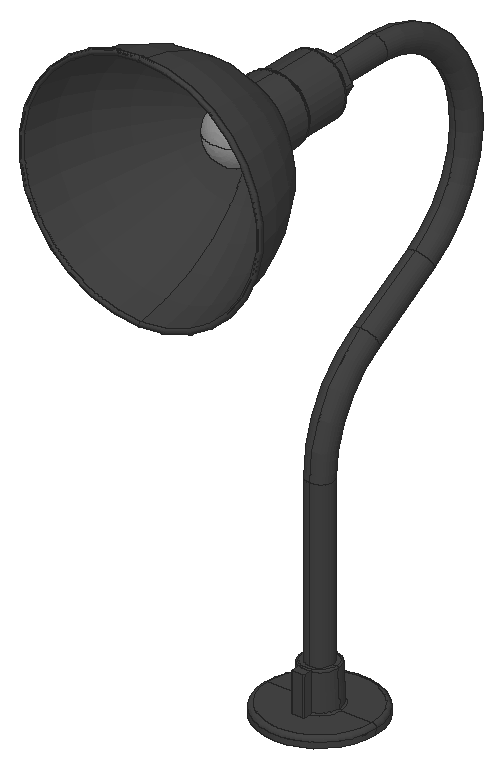
Revit family "BLE-G-DBW-G22-E26", category Lighting Fixtures, host Face, Revit 2022
Family settings
  Host = Face
  Round Connector Dimension = Use Diameter
  Part Type = Normal
  Cut with Voids When Loaded = No
  Light Source = Yes
  Maintain Annotation Orientation = No
  Shared = No
  Room Calculation Point = No
Parameters (values of type "10"")
  Wattage = 5.72229 W
  built-in parameter 1150110 = 1 (stored number, unit not read)
  built-in parameter 1114217 = 1 (stored number, unit not read)
  Tilt Angle = 0.00°
  built-in parameter 1150109 = 1 (stored number, unit not read)
  built-in parameter 1150134 = (empty or 0)
  built-in parameter 1150113 = 1 (stored number, unit not read)
  Gooseneck Material = 100 - Black
  Shade Material = 100 - Black
  Photometric Web File = "generic"
  built-in parameter 1150142 = (empty or 0)
  built-in parameter 1150105 = 67.641 (stored number, unit not read)
  Lumens = 850 lm
  built-in parameter 1150115 = 1 (stored number, unit not read)
  built-in parameter 1150137 = (empty or 0)
  built-in parameter 1150139 = (empty or 0)
  built-in parameter 1150112 = 1 (stored number, unit not read)
  built-in parameter 1150114 = 1 (stored number, unit not read)
  built-in parameter 1150132 = 2
  built-in parameter 1150102 = (empty or 0)
  built-in parameter 1150107 = 3000 (stored number, unit not read)
  built-in parameter 1150138 = (empty or 0)
  built-in parameter 1150106 = 0.67641 (stored number, unit not read)
  24" = no
  built-in parameter 1150104 = 13.8 (stored number, unit not read)
  20" = no
  Dimming Lamp Color Temperature Shift = <None>
  Default Elevation = 4' - 0"
  Color Filter = 16777215
  Base Material = 100 - Black
  built-in parameter 1114218 = 1 (stored number, unit not read)
  built-in parameter 1150133 = 10 (stored number, unit not read)
  16" = no
  14" = no
  12" = no
  10" = yes
Types (7): name | 24" | 20" | 16" | 14" | 12" | 10"
  (no name) | no | no | no | no | no | yes
  12" | no | no | no | no | yes | no
  14" | no | no | no | yes | no | no
  16" | no | no | yes | no | no | no
  10" | no | no | no | no | no | yes
  20" | no | yes | no | no | no | no
  24" | yes | no | no | no | no | no
Reference planes (in)
  plane 1 "Center (Front/Back)": y = 0
  plane 2: z = 0
  plane 3 "Center (Left/Right)": x = 0
Lines and regions (in)
  reference lines
    curve 1: line (0, 32, 0) -> (0, -36, 0)
    curve 2: line (-33.11947, 0, 0) -> (37.88053, 0, 0)
Dimensions and locks (in)
  locked: plane 1 "Center (Front/Back)" to imposter light at 4
  aligned and locked: plane 2 to host face
  aligned and locked: level to host face
  aligned and locked: plane 3 "Center (Left/Right)" to nested 1
  aligned and locked: plane 1 "Center (Front/Back)" to nested 1
  aligned and locked: nested 4 to imposter light
  aligned and locked: nested 3 to plane 3 "Center (Left/Right)"
  aligned and locked: imposter light to nested 6  (x2)
  aligned and locked: nested 7 to nested 3  (x2)
  aligned and locked: imposter light to nested 3
  aligned and locked: imposter light to plane 3 "Center (Left/Right)"
  aligned and locked: plane 1 "Center (Front/Back)" to nested 2
  aligned and locked: imposter light to nested 2
  aligned and locked: plane 3 "Center (Left/Right)" to nested 5
  aligned and locked: nested 5 to imposter light
Nested families (in)
  nested 1: "WBP-7501" at (0, 0, 0), type "WBP-7501"
  nested 2: "GNK-7522" at (0, 0, 1.975), type "GNK-5011"
    with Default Elevation 2' - 0"
  nested 3: "DBW Shade" at (0, -0.2106, 23.32724) x (0, 0, -1) z (0, -1, 0), type "DBW Shade"
    with 24" no, 20" no, 16" no, 14" no, 12" no
  nested 4: "103264" at (0, -3.60156, 23.32724) x (0, 0, -1) z (0, -1, 0), type "103264"
    with Heat Sink 9" no
  nested 5: "CPL-0004" at (0, 0.43958, 23.32724) x (1, 0, 0) z (0, -1, 0), type "CPL-0004"
  nested 6: "E26 Socket Assy" at (0, -0.24966, 23.32724) x (0, 0, -1) z (0, -1, 0), type "E26 Socket Assy"
  nested 7: "E26 Bulb" at (0, -2.50465, 23.32724) x (1, 0, 0) z (0, -1, 0), type "E26 Bulb"
Connectors (in)
  electrical at (0, 0, 0)
    settings: index 1, voltage 0 V, apparent load 0 VA, apparent load phase1 0 VA, apparent load phase2 0 VA, apparent load phase3 0 VA, power factor 1, load classification "Other", number of poles 1, system type 31, power factor state 1, is connector primary yes, connector utility no, sub classification motor no, connector description ""
Definition of nested family "WBP-7501"
  Parameters (values of type "WBP-7501")
    Default Elevation = 3' - 0"
    Base Material = none
  Reference planes (in)
    plane 1 "Center (Front/Back)": y = 0
    plane 2: z = 0
    plane 3 "Center (Left/Right)": x = 0
    plane 4 "Base Dia": x = -2.325
    plane 5 "Base Height": z = 0.4
    plane 6 "Fillet Radius": z = 0.225
    plane 7: z = 0.458
    plane 8: x = -0.87
    plane 9: x = -0.81
    plane 10: x = -0.76
    plane 11: z = 1.917
    plane 12: z = 1.975
    plane 13: x = -0.7
    plane 14: x = -0.2595
    plane 15: x = 0.2595
    plane 16: y = -1.135
  Forms (in)
    Extrusion 1, solid
      sketch origin (0, 0, 0) x (1, 0, 0) y (0, 1, 0)
        loop
          line (-48, 48) -> (-48, -48) -> (48, -48) -> (48, 48) -> (-48, 48)
      from 0 to -12
    Revolve 2, solid, material <- "Base Material"
      sketch origin (0, 0, 0) x (1, 0, 0) y (0, 0, 1)
        loop
          line (0, 0) -> (0, 1.975) -> (-0.7, 1.975)
          arc (-0.7, 1.975) -> (-0.74172, 1.95814) -> (-0.76, 1.91702) r 0.06003
          line (-0.76, 1.91702) -> (-0.81, 0.458)
          arc (-0.81, 0.458) -> (-0.82699, 0.41699) -> (-0.868, 0.4) r 0.058
          line (-0.868, 0.4) -> (-2.15, 0.4)
          arc (-2.15, 0.4) -> (-2.27374, 0.34874) -> (-2.325, 0.225) r 0.175
          line (-2.325, 0.225) -> (-2.325, 0) -> (0, 0)
        axis (0, 0) -> (0, 1.975)
      angle from 0 to 360
    Extrusion 3, solid, material <- "Base Material"
      sketch origin (0, 0, 0) x (1, 0, 0) y (0, 1, 0)
        loop
          line (-0.2595, -0.76731) -> (-0.2595, -1.075)
          arc (-0.2595, -1.075) -> (-0.24193, -1.11743) -> (-0.1995, -1.135) r 0.06
          line (-0.1995, -1.135) -> (0.1995, -1.135)
          arc (0.1995, -1.135) -> (0.24193, -1.11743) -> (0.2595, -1.075) r 0.06
          line (0.2595, -1.075) -> (0.2595, -0.76731)
          arc (0.2595, -0.76731) -> (0, -0.81) -> (-0.2595, -0.76731) r 0.81
      from 0 to 1.975
  Cuts and joins
    joined: Revolve 2, Extrusion 3
  Dimensions and locks (in)
    plane 4 "Base Dia" to plane 3 "Center (Left/Right)" = 0' - 2.325"
    locked: plane 5 "Base Height" to Extrusion 1 at 0.4
    locked: plane 3 "Center (Left/Right)" to plane 4 "Base Dia" at 2.325
    locked: plane 5 "Base Height" to plane 6 "Fillet Radius" at 0.175
    locked: plane 3 "Center (Left/Right)" to plane 9 at 0.81
    locked: plane 3 "Center (Left/Right)" to plane 8 at 0.87
    locked: plane 3 "Center (Left/Right)" to plane 10 at 0.76
    locked: plane 3 "Center (Left/Right)" to plane 13 at 0.7
    locked: plane 11 to plane 5 "Base Height" at 1.517
    locked: plane 12 to plane 5 "Base Height" at 1.575
    locked: plane 7 to plane 5 "Base Height" at 0.058
    locked: plane 14 to plane 3 "Center (Left/Right)" at 0.2595
    locked: plane 3 "Center (Left/Right)" to plane 15 at 0.2595
    locked: plane 16 to plane 1 "Center (Front/Back)" at 1.135
    radius of Revolve 2 sketch curve = 0' - 0.175"
    aligned and locked: plane 2 to Extrusion 1
    aligned and locked: level to Extrusion 1
    aligned and locked: Revolve 2 sketch curve to plane 5 "Base Height"
    aligned and locked: plane 9 to Revolve 2 sketch curve
    aligned and locked: plane 3 "Center (Left/Right)" to Revolve 2 sketch curve
    aligned and locked: plane 15 to Extrusion 3 sketch curve
    aligned and locked: Extrusion 3 sketch curve to plane 16
    aligned and locked: Extrusion 3 sketch curve to plane 14
  Automatic sketch dimensions
    Extrusion 1 sketch curve to Extrusion 1 sketch curve = 8' - 0"  (x2)
    Revolve 2 sketch curve to level = 0' - 0"
    Revolve 2 sketch curve to plane 4 "Base Dia" = 0' - 0"
    Revolve 2 sketch curve to plane 7 = 0' - 0"  (x2)
    plane 10 to Revolve 2 sketch curve = 0' - 0"
    Revolve 2 sketch curve to plane 12 = 0' - 0"
    Revolve 2 sketch curve to plane 13 = 0' - 0"
    Revolve 2 sketch curve to plane 3 "Center (Left/Right)" = 0' - 0"
    Revolve 2 sketch curve to Revolve 2 sketch curve = 0' - 0.22742"
    Revolve 2 sketch curve to Revolve 2 sketch curve = 0' - 1.76377"
    plane 1 "Center (Front/Back)" to Extrusion 3 sketch curve = 0' - 0"
    Extrusion 3 sketch curve to plane 3 "Center (Left/Right)" = 0' - 0"
    plane 14 to Extrusion 3 sketch curve = 0' - 0.06"
    Extrusion 3 sketch curve to plane 15 = 0' - 0.06"
    Extrusion 3 sketch curve to Extrusion 3 sketch curve = 0' - 0.30769"
Definition of nested family "GNK-7522"
  Parameters (values of type "GNK-7522")
    Gooseneck Material = none
    Default Elevation = 3' - 0"
    Cord Length [instance] = 3' - 0"
  Reference planes (in)
    plane 1 "Center (Front/Back)": y = 0
    plane 2: z = 0
    plane 3 "Center (Left/Right)": x = 0
    plane 4: z = 21.35224
  Forms (in)
    Extrusion 1, solid
      sketch origin (0, 0, 0) x (1, 0, 0) y (0, 1, 0)
        loop
          line (-48, 48) -> (-48, -48) -> (48, -48) -> (48, 48) -> (-48, 48)
      from 0 to -12
    Sweep 2, solid, material <- "Gooseneck Material"
      path origin (0, 0, 0) x (0, 1, 0) y (0, 0, 1)
        loop
          line (0, 0) -> (0, 6.75126)
          arc (0, 6.75126) -> (0.63609, 9.12517) -> (2.37391, 10.86299) r 4.74782
          line (2.37391, 10.86299) -> (5.18958, 12.48862)
          arc (5.18958, 12.48862) -> (7.40273, 17.83163) -> (2.81458, 21.35224) r 4.75
          line (2.81458, 21.35224) -> (0.43958, 21.35224)
      profile origin (0, 0, 3.37563) x (0, -1, 0) y (1, 0, 0)
        loop
          circle (0, 0) r 0.525
  Dimensions and locks (in)
    aligned and locked: plane 2 to Extrusion 1
    aligned and locked: level to Extrusion 1
  Automatic sketch dimensions
    Extrusion 1 sketch curve to Extrusion 1 sketch curve = 8' - 0"  (x2)
    Sweep 2 sketch curve to profile plane = 0' - 0"  (x2)
    Sweep 2 sketch curve to plane 1 "Center (Front/Back)" = 0' - 0"
    Sweep 2 sketch curve to level = 0' - 0"
    Sweep 2 sketch curve to plane 1 "Center (Front/Back)" = 0' - 2.37391"
    Sweep 2 sketch curve to plane 1 "Center (Front/Back)" = 0' - 2.81458"
    Sweep 2 sketch curve to Sweep 2 sketch curve = 0' - 2.81567"
    level to Sweep 2 sketch curve = 0' - 6.75126"
    Sweep 2 sketch curve to Sweep 2 sketch curve = 0' - 1.62563"
    Sweep 2 sketch curve to plane 1 "Center (Front/Back)" = 0' - 0.43958"
    radius of Sweep 2 sketch curve = 0' - 0.525"
Definition of nested family "DBW Shade"
  Parameters (values of type "DBW Shade")
    Shade Material = none
    Default Elevation = 2' - 0"
    24" = yes
    20" = yes
    10" = yes
    16" = yes
    14" = yes
    12" = yes
  Reference planes (in)
    plane 1 "Center (Front/Back)": y = 0
    plane 2: z = 0
    plane 3 "Center (Left/Right)": x = 0
  Forms (in)
    Extrusion 1, solid
      sketch origin (0, 0, 0) x (1, 0, 0) y (0, 1, 0)
        loop
          line (-48, 48) -> (-48, -48) -> (48, -48) -> (48, 48) -> (-48, 48)
      from 0 to -12
  Dimensions and locks (in)
    aligned and locked: plane 2 to Extrusion 1
    aligned and locked: level to Extrusion 1
    aligned and locked: plane 1 "Center (Front/Back)" to nested 1
    aligned and locked: plane 3 "Center (Left/Right)" to nested 1
    aligned and locked: plane 3 "Center (Left/Right)" to nested 2
    aligned and locked: plane 1 "Center (Front/Back)" to nested 2
    aligned and locked: plane 1 "Center (Front/Back)" to nested 3
    aligned and locked: plane 3 "Center (Left/Right)" to nested 3
    aligned and locked: plane 1 "Center (Front/Back)" to nested 4
    aligned and locked: plane 1 "Center (Front/Back)" to nested 5
    aligned and locked: plane 3 "Center (Left/Right)" to nested 5
    aligned and locked: plane 3 "Center (Left/Right)" to nested 6
    aligned and locked: plane 1 "Center (Front/Back)" to nested 6
    aligned and locked: plane 3 "Center (Left/Right)" to nested 4
  Nested families (in)
    nested 1: "SHD-0028" at (0, 0, 0), visible <- "10"", type "SHD-0028"
    nested 2: "SHD-0029" at (0, 0, 0), visible <- "12"", type "SHD-0029"
    nested 3: "SHD-0114" at (0, 0, 0), visible <- "14"", type "SHD-0114"
    nested 4: "SHD-0115" at (0, 0, 0), visible <- "16"", type "SHD-0115"
    nested 5: "SHD-0308" at (0, 0, 0), visible <- "24"", type "SHD-0308"
    nested 6: "SHD-0223" at (0, 0, 0), visible <- "20"", type "SHD-0223"
  Definition of nested family "SHD-0028"
    Parameters (values of type "SHD-0028")
      Shade Material = none
      Default Elevation = 2' - 0"
    Reference planes (in)
      plane 1 "Center (Front/Back)": y = 0
      plane 2: z = 0
      plane 3 "Center (Left/Right)": x = 0
      plane 4 "Wood Height": z = 0
      plane 5 "Nut Radius": x = -1.03713
      plane 6 "Nut Flat": x = -0.861
      plane 7 "Shade Thickness": z = 0.04
      plane 8 "Lower Shade bottom": z = 9.109
      plane 9 "Lower Shade Outer Dia": x = -5
      plane 10 "Shade Top Dia": x = -1.20713
      plane 11 "Shade Middle Radius Height1": z = 1.965
      plane 12 "Shade Lower Diameter1": x = -1.44113
      plane 13 "Shade Top Radius": x = -1.29713
      plane 14 "Shade Middle Radious Height2": z = 2.105
      plane 15 "Shade Middle Radius Diameter2": x = -1.41363
      plane 16 "Lip Height": z = 9.029
      plane 17 "Bowl Start": z = 3.545
      plane 18: x = -4.85
      plane 19: z = 9.069
    Forms (in)
      Extrusion 1, solid
        sketch origin (0, 0, 0) x (1, 0, 0) y (0, 1, 0)
          loop
            line (-48, 48) -> (-48, -48) -> (48, -48) -> (48, 48) -> (-48, 48)
        from 0 to -12
      Revolve 2, solid, material <- "Shade Material"
        sketch origin (0, 0, 0) x (1, 0, 0) y (0, 0, 1)
          loop
            line (0, 0) -> (0, 0.03906) -> (-1.20713, 0.03906)
            arc (-1.20713, 0.03906) -> (-1.24314, 0.05398) -> (-1.25806, 0.09) r 0.05094
            line (-1.25806, 0.09) -> (-1.25806, 1.94384)
            arc (-1.25806, 1.94384) -> (-1.26409, 1.97759) -> (-1.28141, 2.00717) r 0.09757
            line (-1.28141, 2.00717) -> (-1.37456, 2.11635) -> (-1.37456, 3.48096)
            arc (-1.37456, 3.48096) -> (-1.39014, 3.54099) -> (-1.43295, 3.58588) r 0.12347
            arc (-1.43295, 3.58588) -> (-3.7536, 5.90437) -> (-4.80544, 9.01154) r 7.20294
            arc (-4.80544, 9.01154) -> (-4.99326, 9.04214) -> (-4.84504, 8.9228) r 0.09841
            line (-4.84504, 8.9228) -> (-4.86619, 8.95581)
            arc (-4.86619, 8.95581) -> (-4.95809, 9.02506) -> (-4.84432, 9.00777) r 0.05934
            arc (-4.84432, 9.00777) -> (-3.78678, 5.88375) -> (-1.45354, 3.55268) r 7.242
            arc (-1.45354, 3.55268) -> (-1.42428, 3.522) -> (-1.41363, 3.48096) r 0.0844
            line (-1.41363, 3.48096) -> (-1.41363, 2.13147)
            arc (-1.41363, 2.13147) -> (-1.40868, 2.10377) -> (-1.39446, 2.07949) r 0.08009
            line (-1.39446, 2.07949) -> (-1.31112, 1.98181)
            arc (-1.31112, 1.98181) -> (-1.30074, 1.96408) -> (-1.29713, 1.94384) r 0.0585
            line (-1.29713, 1.94384) -> (-1.29713, 0.09)
            arc (-1.29713, 0.09) -> (-1.27077, 0.02636) -> (-1.20713, 0) r 0.09
            line (-1.20713, 0) -> (0, 0)
          axis (0, 9.01154) -> (0, 0)
        angle from 0 to 360
    Dimensions and locks (in)
      locked: plane 6 "Nut Flat" to plane 3 "Center (Left/Right)" at 0.861
      locked: plane 7 "Shade Thickness" to plane 4 "Wood Height" at 0.04
      locked: plane 3 "Center (Left/Right)" to plane 9 "Lower Shade Outer Dia" at 5
      locked: plane 11 "Shade Middle Radius Height1" to plane 4 "Wood Height" at 1.965
      locked: plane 14 "Shade Middle Radious Height2" to plane 4 "Wood Height" at 2.105
      locked: plane 8 "Lower Shade bottom" to plane 16 "Lip Height" at 0.08
      locked: plane 17 "Bowl Start" to plane 4 "Wood Height" at 3.545
      locked: plane 18 to plane 9 "Lower Shade Outer Dia" at 0.15
      locked: plane 8 "Lower Shade bottom" to plane 19 at 0.04
      locked: plane 8 "Lower Shade bottom" to plane 4 "Wood Height" at 9.109
      aligned and locked: plane 2 to Extrusion 1
      aligned and locked: level to Extrusion 1
      aligned and locked: plane 4 "Wood Height" to Revolve 2 sketch curve
      aligned and locked: plane 10 "Shade Top Dia" to Revolve 2 sketch curve
      aligned and locked: Revolve 2 sketch curve to plane 15 "Shade Middle Radius Diameter2"
      aligned and locked: Revolve 2 sketch curve to plane 13 "Shade Top Radius"
      aligned and locked: Extrusion 1 to plane 4 "Wood Height"
    Automatic sketch dimensions
      Extrusion 1 sketch curve to Extrusion 1 sketch curve = 8' - 0"  (x2)
      Revolve 2 sketch curve to Revolve 2 sketch curve = 0' - 0"  (x12)
      Revolve 2 sketch curve to plane 3 "Center (Left/Right)" = 0' - 0"  (x2)
      plane 18 to Revolve 2 sketch curve = 0' - 0.00496"
      Revolve 2 sketch curve to plane 18 = 0' - 0.01619"
      plane 15 "Shade Middle Radius Diameter2" to Revolve 2 sketch curve = 0' - 0.01916"
      plane 14 "Shade Middle Radious Height2" to Revolve 2 sketch curve = 0' - 0.01135"
      plane 15 "Shade Middle Radius Diameter2" to Revolve 2 sketch curve = 0' - 0 5/128"
      Revolve 2 sketch curve to plane 11 "Shade Middle Radius Height1" = 0' - 0.02116"
      plane 15 "Shade Middle Radius Diameter2" to Revolve 2 sketch curve = 0' - 0.058"
      plane 14 "Shade Middle Radious Height2" to Revolve 2 sketch curve = 0' - 0.02647"
      Revolve 2 sketch curve to plane 13 "Shade Top Radius" = 0' - 0.01572"
      Revolve 2 sketch curve to Revolve 2 sketch curve = 0' - 0 5/128"
      Revolve 2 sketch curve to plane 17 "Bowl Start" = 0' - 0.06404"
      plane 18 to Revolve 2 sketch curve = 0' - 0.00568"
      plane 17 "Bowl Start" to Revolve 2 sketch curve = 0' - 0.15101"
      Revolve 2 sketch curve to Revolve 2 sketch curve = 0' - 2.15863"
      Revolve 2 sketch curve to plane 12 "Shade Lower Diameter1" = 0' - 0.00818"
      Revolve 2 sketch curve to Revolve 2 sketch curve = 0' - 0.03888"  (x2)
      Revolve 2 sketch curve to Revolve 2 sketch curve = 0' - 0.03301"
      Revolve 2 sketch curve to Revolve 2 sketch curve = 0' - 0.02059"
      Revolve 2 sketch curve to Revolve 2 sketch curve = 0' - 0.03319"
  Definition of nested family "SHD-0029"
    Parameters (values of type "SHD-0029")
      Shade Material = none
      Default Elevation = 2' - 0"
    Reference planes (in)
      plane 1 "Center (Front/Back)": y = 0
      plane 2: z = 0
      plane 3 "Center (Left/Right)": x = 0
      plane 4 "Wood Height": z = 0
      plane 5 "Nut Radius": x = -1.03713
      plane 6 "Nut Flat": x = -0.861
      plane 7 "Shade Thickness": z = 0.04
      plane 8 "Shade Top Dia": x = -1.20713
      plane 9 "Shade Middle Radius Height1": z = 1.965
      plane 10 "Shade Lower Diameter1": x = -1.44113
      plane 11 "Shade Top Radius": x = -1.29713
      plane 12 "Shade Middle Radious Height2": z = 2.105
      plane 13 "Shade Middle Radius Diameter2": x = -1.41363
      plane 14 "Bowl Start": z = 3.545
    Forms (in)
      Extrusion 1, solid
        sketch origin (0, 0, 0) x (1, 0, 0) y (0, 1, 0)
          loop
            line (-48, 48) -> (-48, -48) -> (48, -48) -> (48, 48) -> (-48, 48)
        from 0 to -12
      Revolve 2, solid, material <- "Shade Material"
        sketch origin (0, 0, 0) x (1, 0, 0) y (0, 0, 1)
          loop
            line (0, 0) -> (0, 0.03906) -> (-1.20713, 0.03906)
            arc (-1.20713, 0.03906) -> (-1.24314, 0.05398) -> (-1.25806, 0.09) r 0.05094
            line (-1.25806, 0.09) -> (-1.25806, 1.94384)
            arc (-1.25806, 1.94384) -> (-1.26409, 1.97759) -> (-1.28141, 2.00717) r 0.09757
            line (-1.28141, 2.00717) -> (-1.37456, 2.11635) -> (-1.37456, 3.49488)
            arc (-1.37456, 3.49488) -> (-1.3856, 3.54027) -> (-1.41623, 3.57553) r 0.09889
            arc (-1.41623, 3.57553) -> (-4.2546, 6.22323) -> (-5.80711, 9.7808) r 9.56481
            arc (-5.80711, 9.7808) -> (-5.99536, 9.79563) -> (-5.84506, 9.68132) r 0.09841
            line (-5.84506, 9.68132) -> (-5.86621, 9.71432)
            arc (-5.86621, 9.71432) -> (-5.9593, 9.78052) -> (-5.84534, 9.77276) r 0.05934
            arc (-5.84534, 9.77276) -> (-4.28694, 6.2013) -> (-1.43786, 3.54296) r 9.60387
            arc (-1.43786, 3.54296) -> (-1.42003, 3.5218) -> (-1.41363, 3.49488) r 0.05982
            line (-1.41363, 3.49488) -> (-1.41363, 2.13147)
            arc (-1.41363, 2.13147) -> (-1.40868, 2.10377) -> (-1.39446, 2.07949) r 0.08009
            line (-1.39446, 2.07949) -> (-1.31112, 1.98181)
            arc (-1.31112, 1.98181) -> (-1.30074, 1.96408) -> (-1.29713, 1.94384) r 0.0585
            line (-1.29713, 1.94384) -> (-1.29713, 0.09)
            arc (-1.29713, 0.09) -> (-1.27077, 0.02636) -> (-1.20713, 0) r 0.09
            line (-1.20713, 0) -> (0, 0)
          axis (0, 9.7808) -> (0, 0)
        angle from 0 to 360
    Dimensions and locks (in)
      locked: plane 6 "Nut Flat" to plane 3 "Center (Left/Right)" at 0.861
      locked: plane 7 "Shade Thickness" to plane 4 "Wood Height" at 0.04
      locked: plane 9 "Shade Middle Radius Height1" to plane 4 "Wood Height" at 1.965
      locked: plane 12 "Shade Middle Radious Height2" to plane 4 "Wood Height" at 2.105
      locked: plane 14 "Bowl Start" to plane 4 "Wood Height" at 3.545
      aligned and locked: plane 2 to Extrusion 1
      aligned and locked: level to Extrusion 1
      aligned and locked: plane 4 "Wood Height" to Revolve 2 sketch curve
      aligned and locked: plane 8 "Shade Top Dia" to Revolve 2 sketch curve
      aligned and locked: Revolve 2 sketch curve to plane 13 "Shade Middle Radius Diameter2"
      aligned and locked: Revolve 2 sketch curve to plane 11 "Shade Top Radius"
      aligned and locked: Extrusion 1 to plane 4 "Wood Height"
    Automatic sketch dimensions
      Extrusion 1 sketch curve to Extrusion 1 sketch curve = 8' - 0"  (x2)
      Revolve 2 sketch curve to Revolve 2 sketch curve = 0' - 0"  (x15)
      Revolve 2 sketch curve to plane 3 "Center (Left/Right)" = 0' - 0"  (x2)
      plane 10 "Shade Lower Diameter1" to Revolve 2 sketch curve = 0' - 0.03232"
      Revolve 2 sketch curve to Revolve 2 sketch curve = 0' - 0.02115"
      Revolve 2 sketch curve to Revolve 2 sketch curve = 0' - 0.0372"
      plane 13 "Shade Middle Radius Diameter2" to Revolve 2 sketch curve = 0' - 0.01916"
      plane 12 "Shade Middle Radious Height2" to Revolve 2 sketch curve = 0' - 0.01135"
      plane 13 "Shade Middle Radius Diameter2" to Revolve 2 sketch curve = 0' - 0 5/128"
      Revolve 2 sketch curve to plane 9 "Shade Middle Radius Height1" = 0' - 0.02116"
      plane 13 "Shade Middle Radius Diameter2" to Revolve 2 sketch curve = 0' - 0.058"
      plane 12 "Shade Middle Radious Height2" to Revolve 2 sketch curve = 0' - 0.02647"
      Revolve 2 sketch curve to plane 11 "Shade Top Radius" = 0' - 0.01572"
      Revolve 2 sketch curve to Revolve 2 sketch curve = 0' - 0 5/128"
      Revolve 2 sketch curve to plane 14 "Bowl Start" = 0' - 0.05012"
      Revolve 2 sketch curve to Revolve 2 sketch curve = 0' - 0.03301"
      Revolve 2 sketch curve to Revolve 2 sketch curve = 0' - 0.04623"
      Revolve 2 sketch curve to plane 13 "Shade Middle Radius Diameter2" = 0' - 0.00261"
      Revolve 2 sketch curve to plane 14 "Bowl Start" = 0' - 0.00204"
      plane 14 "Bowl Start" to Revolve 2 sketch curve = 0' - 0.15101"
      Revolve 2 sketch curve to Revolve 2 sketch curve = 0' - 2.15863"
      plane 10 "Shade Lower Diameter1" to Revolve 2 sketch curve = 0' - 4.40394"
      plane 3 "Center (Left/Right)" to Revolve 2 sketch curve = 0' - 3.5532"
      plane 14 "Bowl Start" to Revolve 2 sketch curve = 0' - 6.13632"
  Definition of nested family "SHD-0114"
    Parameters (values of type "SHD-0114")
      Shade Material = none
      Default Elevation = 2' - 0"
    Reference planes (in)
      plane 1 "Center (Front/Back)": y = 0
      plane 2: z = 0
      plane 3 "Center (Left/Right)": x = 0
      plane 4 "Wood Height": z = 0
    Forms (in)
      Extrusion 1, solid
        sketch origin (0, 0, 0) x (1, 0, 0) y (0, 1, 0)
          loop
            line (-48, 48) -> (-48, -48) -> (48, -48) -> (48, 48) -> (-48, 48)
        from 0 to -12
      Revolve 2, solid, material <- "Shade Material"
        sketch origin (0, 0, 0) x (1, 0, 0) y (0, 0, 1)
          loop
            line (0, 0) -> (0, 0.03906) -> (-1.45545, 0.03906)
            arc (-1.45545, 0.03906) -> (-1.49164, 0.05405) -> (-1.50663, 0.09025) r 0.05119
            line (-1.50663, 0.09025) -> (-1.50663, 2.07228)
            arc (-1.50663, 2.07228) -> (-1.51325, 2.1034) -> (-1.53194, 2.12913) r 0.0765
            line (-1.53194, 2.12913) -> (-1.59895, 2.18946)
            arc (-1.59895, 2.18946) -> (-1.61737, 2.21483) -> (-1.62389, 2.24549) r 0.07539
            line (-1.62389, 2.24549) -> (-1.62389, 3.76049)
            arc (-1.62389, 3.76049) -> (-1.63985, 3.81863) -> (-1.68326, 3.86047) r 0.11386
            arc (-1.68326, 3.86047) -> (-5.12462, 6.95788) -> (-6.79993, 11.27416) r 9.99002
            arc (-6.79993, 11.27416) -> (-6.99505, 11.29998) -> (-6.84047, 11.17815) r 0.10205
            line (-6.84047, 11.17815) -> (-6.86365, 11.20959)
            arc (-6.86365, 11.20959) -> (-6.95906, 11.28479) -> (-6.83863, 11.26885) r 0.06299
            arc (-6.83863, 11.26885) -> (-5.15677, 6.93569) -> (-1.70196, 3.82617) r 10.02909
            arc (-1.70196, 3.82617) -> (-1.67344, 3.79868) -> (-1.66295, 3.76049) r 0.07479
            line (-1.66295, 3.76049) -> (-1.66295, 2.24549)
            arc (-1.66295, 2.24549) -> (-1.65306, 2.19894) -> (-1.62508, 2.16043) r 0.11445
            line (-1.62508, 2.16043) -> (-1.55808, 2.1001)
            arc (-1.55808, 2.1001) -> (-1.54893, 2.08751) -> (-1.54569, 2.07228) r 0.03743
            line (-1.54569, 2.07228) -> (-1.54569, 0.09025)
            arc (-1.54569, 0.09025) -> (-1.51926, 0.02643) -> (-1.45545, 0) r 0.09025
            line (-1.45545, 0) -> (0, 0)
          axis (0, 11.27416) -> (0, 0)
        angle from 0 to 360
    Dimensions and locks (in)
      aligned and locked: plane 2 to Extrusion 1
      aligned and locked: level to Extrusion 1
      aligned and locked: Extrusion 1 to plane 4 "Wood Height"
    Automatic sketch dimensions
      Extrusion 1 sketch curve to Extrusion 1 sketch curve = 8' - 0"  (x2)
      Revolve 2 sketch curve to Revolve 2 sketch curve = 0' - 0"  (x25)
      Revolve 2 sketch curve to level = 0' - 0"
      Revolve 2 sketch curve to plane 3 "Center (Left/Right)" = 0' - 0"  (x2)
      Revolve 2 sketch curve to Revolve 2 sketch curve = 0' - 0.01239"
      Revolve 2 sketch curve to Revolve 2 sketch curve = 0' - 0.07479"
      Revolve 2 sketch curve to Revolve 2 sketch curve = 0' - 0.02318"
      Revolve 2 sketch curve to Revolve 2 sketch curve = 0' - 0.03738"
      Revolve 2 sketch curve to Revolve 2 sketch curve = 0' - 0.03144"
      Revolve 2 sketch curve to Revolve 2 sketch curve = 0' - 0.0507"
      Revolve 2 sketch curve to Revolve 2 sketch curve = 0' - 0.01869"  (x2)
      Revolve 2 sketch curve to Revolve 2 sketch curve = 0' - 2.15863"
      plane 3 "Center (Left/Right)" to Revolve 2 sketch curve = 0' - 3.09734"
      Revolve 2 sketch curve to Revolve 2 sketch curve = 0' - 0.02614"
      Revolve 2 sketch curve to Revolve 2 sketch curve = 0' - 0 5/128"  (x2)
      Revolve 2 sketch curve to Revolve 2 sketch curve = 0' - 1.45545"
      Revolve 2 sketch curve to Revolve 2 sketch curve = 0' - 0.05119"
      Revolve 2 sketch curve to Revolve 2 sketch curve = 0' - 0.02531"
      Revolve 2 sketch curve to Revolve 2 sketch curve = 0' - 0.01656"
      Revolve 2 sketch curve to Revolve 2 sketch curve = 0' - 0.02505"
      Revolve 2 sketch curve to Revolve 2 sketch curve = 0' - 0.05045"
      Revolve 2 sketch curve to plane 3 "Center (Left/Right)" = 0' - 6.84047"
      Revolve 2 sketch curve to Revolve 2 sketch curve = 0' - 1.98204"
      Revolve 2 sketch curve to Revolve 2 sketch curve = 0' - 1.515"
      Revolve 2 sketch curve to Revolve 2 sketch curve = 0' - 7.41765"
      Revolve 2 sketch curve to Revolve 2 sketch curve = 0' - 0.06448"
  Definition of nested family "SHD-0115"
    Parameters (values of type "SHD-0115")
      Shade Material = none
      Default Elevation = 2' - 0"
    Reference planes (in)
      plane 1 "Center (Front/Back)": y = 0
      plane 2: z = 0
      plane 3 "Center (Left/Right)": x = 0
      plane 4 "Wood Height": z = 0
    Forms (in)
      Extrusion 1, solid
        sketch origin (0, 0, 0) x (1, 0, 0) y (0, 1, 0)
          loop
            line (-48, 48) -> (-48, -48) -> (48, -48) -> (48, 48) -> (-48, 48)
        from 0 to -12
      Revolve 2, solid, material <- "Shade Material"
        sketch origin (0, 0, 0) x (1, 0, 0) y (0, 0, 1)
          loop
            line (0, 0) -> (0, 0.03906) -> (-1.45545, 0.03906)
            arc (-1.45545, 0.03906) -> (-1.49164, 0.05405) -> (-1.50663, 0.09025) r 0.05119
            line (-1.50663, 0.09025) -> (-1.50663, 2.07228)
            arc (-1.50663, 2.07228) -> (-1.51325, 2.1034) -> (-1.53194, 2.12913) r 0.0765
            line (-1.53194, 2.12913) -> (-1.59895, 2.18946)
            arc (-1.59895, 2.18946) -> (-1.61737, 2.21483) -> (-1.62389, 2.24549) r 0.07539
            line (-1.62389, 2.24549) -> (-1.62389, 3.76049)
            arc (-1.62389, 3.76049) -> (-1.64115, 3.82076) -> (-1.6877, 3.86276) r 0.11386
            arc (-1.6877, 3.86276) -> (-5.9143, 7.51176) -> (-7.79992, 12.76759) r 10.98102
            arc (-7.79992, 12.76759) -> (-7.99459, 12.80067) -> (-7.84102, 12.67655) r 0.10205
            line (-7.84102, 12.67655) -> (-7.8642, 12.70799)
            arc (-7.8642, 12.70799) -> (-7.95899, 12.7846) -> (-7.83883, 12.76418) r 0.06299
            arc (-7.83883, 12.76418) -> (-5.94651, 7.48965) -> (-1.70487, 3.82767) r 11.02008
            arc (-1.70487, 3.82767) -> (-1.67429, 3.80009) -> (-1.66295, 3.76049) r 0.07479
            line (-1.66295, 3.76049) -> (-1.66295, 2.24549)
            arc (-1.66295, 2.24549) -> (-1.65306, 2.19894) -> (-1.62508, 2.16043) r 0.11445
            line (-1.62508, 2.16043) -> (-1.55808, 2.1001)
            arc (-1.55808, 2.1001) -> (-1.54893, 2.08751) -> (-1.54569, 2.07228) r 0.03743
            line (-1.54569, 2.07228) -> (-1.54569, 0.09025)
            arc (-1.54569, 0.09025) -> (-1.51926, 0.02643) -> (-1.45545, 0) r 0.09025
            line (-1.45545, 0) -> (0, 0)
          axis (0, 12.76759) -> (0, 0)
        angle from 0 to 360
    Dimensions and locks (in)
      aligned and locked: plane 2 to Extrusion 1
      aligned and locked: level to Extrusion 1
      aligned and locked: Extrusion 1 to plane 4 "Wood Height"
    Automatic sketch dimensions
      Extrusion 1 sketch curve to Extrusion 1 sketch curve = 8' - 0"  (x2)
      Revolve 2 sketch curve to Revolve 2 sketch curve = 0' - 0"  (x16)
      Revolve 2 sketch curve to level = 0' - 0"
      Revolve 2 sketch curve to plane 3 "Center (Left/Right)" = 0' - 0"  (x2)
      Revolve 2 sketch curve to Revolve 2 sketch curve = 0' - 1.45545"
      Revolve 2 sketch curve to plane 3 "Center (Left/Right)" = 0' - 1.50663"
      Revolve 2 sketch curve to Revolve 2 sketch curve = 0' - 0.02531"
      Revolve 2 sketch curve to Revolve 2 sketch curve = 0' - 0 5/128"
      Revolve 2 sketch curve to Revolve 2 sketch curve = 0' - 0.01656"
      Revolve 2 sketch curve to Revolve 2 sketch curve = 0' - 0.01239"
      Revolve 2 sketch curve to Revolve 2 sketch curve = 0' - 0.02505"
      Revolve 2 sketch curve to Revolve 2 sketch curve = 0' - 0.05045"
      Revolve 2 sketch curve to Revolve 2 sketch curve = 0' - 0.02494"
      Revolve 2 sketch curve to Revolve 2 sketch curve = 0' - 0.02614"
      Revolve 2 sketch curve to Revolve 2 sketch curve = 0' - 0.07479"
      Revolve 2 sketch curve to Revolve 2 sketch curve = 0' - 0.02318"
      Revolve 2 sketch curve to Revolve 2 sketch curve = 0' - 0.03738"
      plane 3 "Center (Left/Right)" to Revolve 2 sketch curve = 0' - 3.13919"
      Revolve 2 sketch curve to Revolve 2 sketch curve = 0' - 1.98204"
      Revolve 2 sketch curve to Revolve 2 sketch curve = 0' - 1.515"
      Revolve 2 sketch curve to Revolve 2 sketch curve = 0' - 0.03144"
      Revolve 2 sketch curve to Revolve 2 sketch curve = 0' - 0.0507"
      Revolve 2 sketch curve to Revolve 2 sketch curve = 0' - 1.04947"
      Revolve 2 sketch curve to Revolve 2 sketch curve = 0' - 0.03891"
      Revolve 2 sketch curve to Revolve 2 sketch curve = 0' - 0.06448"
      Revolve 2 sketch curve to Revolve 2 sketch curve = 0' - 2.15863"
  Definition of nested family "SHD-0308"
    Parameters (values of type "SHD-0308")
      Shade Material = none
      Default Elevation = 2' - 0"
    Reference planes (in)
      plane 1 "Center (Front/Back)": y = 0
      plane 2: z = 0
      plane 3 "Center (Left/Right)": x = 0
      plane 4 "Wood Height": z = 0
    Forms (in)
      Extrusion 1, solid
        sketch origin (0, 0, 0) x (1, 0, 0) y (0, 1, 0)
          loop
            line (-48, 48) -> (-48, -48) -> (48, -48) -> (48, 48) -> (-48, 48)
        from 0 to -12
      Revolve 2, solid, material <- "Shade Material"
        sketch origin (0, 0, 0) x (1, 0, 0) y (0, 0, 1)
          loop
            line (0, 0) -> (0, 0.03906) -> (-2.22237, 0.03906)
            arc (-2.22237, 0.03906) -> (-2.2742, 0.06053) -> (-2.29567, 0.11236) r 0.0733
            line (-2.29567, 0.11236) -> (-2.29567, 3.09806)
            arc (-2.29567, 3.09806) -> (-2.30835, 3.16758) -> (-2.34475, 3.22814) r 0.19691
            line (-2.34475, 3.22814) -> (-2.42725, 3.32189)
            arc (-2.42725, 3.32189) -> (-2.46224, 3.38009) -> (-2.47442, 3.4469) r 0.18923
            line (-2.47442, 3.4469) -> (-2.47442, 5.72055)
            arc (-2.47442, 5.72055) -> (-2.4994, 5.80773) -> (-2.56677, 5.86845) r 0.16462
            arc (-2.56677, 5.86845) -> (-9.0535, 11.47959) -> (-11.91654, 19.56448) r 16.76616
            arc (-11.91654, 19.56448) -> (-11.93143, 19.59499) -> (-11.96306, 19.60734) r 0.04667
            line (-11.96306, 19.60734) -> (-12.00319, 19.60734)
            arc (-12.00319, 19.60734) -> (-12.07667, 19.53386) -> (-12.00319, 19.46037) r 0.07348
            line (-12.00319, 19.46037) -> (-11.96309, 19.46037) -> (-11.96309, 19.49944) -> (-12.00319, 19.49944)
            arc (-12.00319, 19.49944) -> (-12.03761, 19.53386) -> (-12.00319, 19.56828) r 0.03442
            line (-12.00319, 19.56828) -> (-11.95604, 19.56828)
            arc (-11.95604, 19.56828) -> (-9.08774, 11.46046) -> (-2.58392, 5.83336) r 16.80523
            arc (-2.58392, 5.83336) -> (-2.53254, 5.78704) -> (-2.51348, 5.72055) r 0.12556
            line (-2.51348, 5.72055) -> (-2.51348, 3.4469)
            arc (-2.51348, 3.4469) -> (-2.49878, 3.3663) -> (-2.45658, 3.29609) r 0.22829
            line (-2.45658, 3.29609) -> (-2.37408, 3.20234)
            arc (-2.37408, 3.20234) -> (-2.34489, 3.15379) -> (-2.33473, 3.09806) r 0.15785
            line (-2.33473, 3.09806) -> (-2.33473, 0.11236)
            arc (-2.33473, 0.11236) -> (-2.30182, 0.03291) -> (-2.22237, 0) r 0.11236
            line (-2.22237, 0) -> (0, 0)
          axis (0, 19.60734) -> (0, 0)
        angle from 0 to 360
    Dimensions and locks (in)
      aligned and locked: plane 2 to Extrusion 1
      aligned and locked: level to Extrusion 1
      aligned and locked: Extrusion 1 to plane 4 "Wood Height"
    Automatic sketch dimensions
      Extrusion 1 sketch curve to Extrusion 1 sketch curve = 8' - 0"  (x2)
      Revolve 2 sketch curve to Revolve 2 sketch curve = 0' - 0"  (x24)
      Revolve 2 sketch curve to level = 0' - 0"
      Revolve 2 sketch curve to plane 3 "Center (Left/Right)" = 0' - 0"  (x2)
      Revolve 2 sketch curve to Revolve 2 sketch curve = 0' - 0.01047"
      Revolve 2 sketch curve to Revolve 2 sketch curve = 0' - 0.01002"
      Revolve 2 sketch curve to Revolve 2 sketch curve = 0' - 0.02933"  (x2)
      Revolve 2 sketch curve to Revolve 2 sketch curve = 0' - 0.04717"
      Revolve 2 sketch curve to Revolve 2 sketch curve = 0' - 0.12556"
      Revolve 2 sketch curve to Revolve 2 sketch curve = 0' - 0.00701"
      Revolve 2 sketch curve to Revolve 2 sketch curve = 0' - 0.00004"
      Revolve 2 sketch curve to Revolve 2 sketch curve = 0' - 0.04013"
      plane 3 "Center (Left/Right)" to Revolve 2 sketch curve = 0' - 4.79372"
      Revolve 2 sketch curve to Revolve 2 sketch curve = 0' - 0 5/128"  (x2)
      Revolve 2 sketch curve to Revolve 2 sketch curve = 0' - 2.9857"
      Revolve 2 sketch curve to Revolve 2 sketch curve = 0' - 2.27365"
      Revolve 2 sketch curve to Revolve 2 sketch curve = 0' - 0.03442"
      Revolve 2 sketch curve to Revolve 2 sketch curve = 0' - 0.00761"
      Revolve 2 sketch curve to Revolve 2 sketch curve = 0' - 0.24911"
      Revolve 2 sketch curve to Revolve 2 sketch curve = 0' - 2.15863"
      Revolve 2 sketch curve to Revolve 2 sketch curve = 0' - 2.22237"
      Revolve 2 sketch curve to plane 3 "Center (Left/Right)" = 0' - 2.28519"
      Revolve 2 sketch curve to plane 3 "Center (Left/Right)" = 0' - 11.95604"
      Revolve 2 sketch curve to Revolve 2 sketch curve = 1' - 1.73983"
      Revolve 2 sketch curve to Revolve 2 sketch curve = 1' - 3.07792"
  Definition of nested family "SHD-0223"
    Parameters (values of type "SHD-0223")
      Shade Material = none
      Default Elevation = 2' - 0"
    Reference planes (in)
      plane 1 "Center (Front/Back)": y = 0
      plane 2: z = 0
      plane 3 "Center (Left/Right)": x = 0
      plane 4 "Wood Height": z = 0
    Forms (in)
      Extrusion 1, solid
        sketch origin (0, 0, 0) x (1, 0, 0) y (0, 1, 0)
          loop
            line (-48, 48) -> (-48, -48) -> (48, -48) -> (48, 48) -> (-48, 48)
        from 0 to -12
      Revolve 2, solid, material <- "Shade Material"
        sketch origin (0, 0, 0) x (1, 0, 0) y (0, 0, 1)
          loop
            line (0, 0) -> (0, 0.03906) -> (-1.8485, 0.03906)
            arc (-1.8485, 0.03906) -> (-1.88896, 0.05582) -> (-1.90572, 0.09628) r 0.05722
            line (-1.90572, 0.09628) -> (-1.90572, 2.57881)
            arc (-1.90572, 2.57881) -> (-1.9168, 2.64011) -> (-1.94865, 2.69364) r 0.17504
            line (-1.94865, 2.69364) -> (-2.01787, 2.77327)
            arc (-2.01787, 2.77327) -> (-2.04498, 2.81883) -> (-2.05441, 2.871) r 0.14898
            line (-2.05441, 2.871) -> (-2.05441, 4.7663)
            arc (-2.05441, 4.7663) -> (-2.07634, 4.84285) -> (-2.13548, 4.89618) r 0.14458
            arc (-2.13548, 4.89618) -> (-7.53748, 9.56968) -> (-9.92412, 16.30223) r 13.97395
            arc (-9.92412, 16.30223) -> (-9.93712, 16.32887) -> (-9.96474, 16.33964) r 0.04076
            line (-9.96474, 16.33964) -> (-10.00281, 16.33964)
            arc (-10.00281, 16.33964) -> (-10.06432, 16.27814) -> (-10.00281, 16.21663) r 0.06151
            line (-10.00281, 16.21663) -> (-9.96563, 16.21663) -> (-9.96563, 16.25569) -> (-10.00281, 16.25569)
            arc (-10.00281, 16.25569) -> (-10.02526, 16.27814) -> (-10.00281, 16.30058) r 0.02244
            line (-10.00281, 16.30058) -> (-9.96317, 16.30058)
            arc (-9.96317, 16.30058) -> (-7.57018, 9.5483) -> (-2.15264, 4.86109) r 14.01301
            arc (-2.15264, 4.86109) -> (-2.10948, 4.82217) -> (-2.09348, 4.7663) r 0.10551
            line (-2.09348, 4.7663) -> (-2.09348, 2.871)
            arc (-2.09348, 2.871) -> (-2.08157, 2.80515) -> (-2.04735, 2.74764) r 0.18804
            line (-2.04735, 2.74764) -> (-1.97814, 2.66801)
            arc (-1.97814, 2.66801) -> (-1.95339, 2.62643) -> (-1.94478, 2.57881) r 0.13598
            line (-1.94478, 2.57881) -> (-1.94478, 0.09628)
            arc (-1.94478, 0.09628) -> (-1.91658, 0.0282) -> (-1.8485, 0) r 0.09628
            line (-1.8485, 0) -> (0, 0)
          axis (0, 16.33964) -> (0, 0)
        angle from 0 to 360
    Dimensions and locks (in)
      aligned and locked: plane 2 to Extrusion 1
      aligned and locked: level to Extrusion 1
      aligned and locked: Extrusion 1 to plane 4 "Wood Height"
    Automatic sketch dimensions
      Extrusion 1 sketch curve to Extrusion 1 sketch curve = 8' - 0"  (x2)
      Revolve 2 sketch curve to Revolve 2 sketch curve = 0' - 0"  (x24)
      Revolve 2 sketch curve to level = 0' - 0"
      Revolve 2 sketch curve to plane 3 "Center (Left/Right)" = 0' - 0"  (x2)
      Revolve 2 sketch curve to Revolve 2 sketch curve = 0' - 0.05722"
      Revolve 2 sketch curve to Revolve 2 sketch curve = 0' - 0.00387"
      Revolve 2 sketch curve to Revolve 2 sketch curve = 0' - 0.02948"  (x2)
      Revolve 2 sketch curve to Revolve 2 sketch curve = 0' - 0.06922"
      Revolve 2 sketch curve to Revolve 2 sketch curve = 0' - 0.10551"
      Revolve 2 sketch curve to Revolve 2 sketch curve = 0' - 0.00156"
      Revolve 2 sketch curve to Revolve 2 sketch curve = 0' - 0.0009"
      Revolve 2 sketch curve to Revolve 2 sketch curve = 0' - 0.03807"
      plane 3 "Center (Left/Right)" to Revolve 2 sketch curve = 0' - 4.00263"
      Revolve 2 sketch curve to Revolve 2 sketch curve = 0' - 0 5/128"  (x2)
      Revolve 2 sketch curve to Revolve 2 sketch curve = 0' - 0.02244"
      Revolve 2 sketch curve to Revolve 2 sketch curve = 0' - 0.0017"
      Revolve 2 sketch curve to Revolve 2 sketch curve = 0' - 2.15863"
      Revolve 2 sketch curve to Revolve 2 sketch curve = 0' - 11.59521"
      Revolve 2 sketch curve to Revolve 2 sketch curve = 0' - 1.8485"
      Revolve 2 sketch curve to Revolve 2 sketch curve = 0' - 0.00028"
      Revolve 2 sketch curve to plane 3 "Center (Left/Right)" = 0' - 9.96317"
      Revolve 2 sketch curve to Revolve 2 sketch curve = 0' - 2.48252"
      Revolve 2 sketch curve to Revolve 2 sketch curve = 0' - 1.89529"
      Revolve 2 sketch curve to Revolve 2 sketch curve = 0' - 11.45033"
      Revolve 2 sketch curve to Revolve 2 sketch curve = 0' - 1.11021"
Definition of nested family "CPL-0004"
  Parameters (values of type "CPL-0004")
    Coupler Material = none
    Default Elevation = 2' - 0"
  Reference planes (in)
    plane 1 "Center (Front/Back)": y = 0
    plane 2: z = 0
    plane 3 "Center (Left/Right)": x = 0
    plane 4 "Wood Height": z = 0
    plane 5: y = 0.875
    plane 6: z = 0.4
  Forms (in)
    Extrusion 1, solid
      sketch origin (0, 0, 0) x (1, 0, 0) y (0, 1, 0)
        loop
          line (-48, 48) -> (-48, -48) -> (48, -48) -> (48, 48) -> (-48, 48)
      from 0 to -12
    Extrusion 2, solid, material <- "Coupler Material"
      sketch origin (0, 0, 0) x (1, 0, 0) y (0, 1, 0)
        loop
          line (-0.54127, 0.8125) -> (-0.97428, 0.0625)
          arc (-0.97428, 0.0625) -> (-0.99103, 0) -> (-0.97428, -0.0625) r 0.125
          line (-0.97428, -0.0625) -> (-0.54127, -0.8125)
          arc (-0.54127, -0.8125) -> (-0.49551, -0.85825) -> (-0.43301, -0.875) r 0.125
          line (-0.43301, -0.875) -> (0.43301, -0.875)
          arc (0.43301, -0.875) -> (0.49551, -0.85825) -> (0.54127, -0.8125) r 0.125
          line (0.54127, -0.8125) -> (0.97428, -0.0625)
          arc (0.97428, -0.0625) -> (0.99103, 0) -> (0.97428, 0.0625) r 0.125
          line (0.97428, 0.0625) -> (0.54127, 0.8125)
          arc (0.54127, 0.8125) -> (0.49551, 0.85825) -> (0.43301, 0.875) r 0.125
          line (0.43301, 0.875) -> (-0.43301, 0.875)
          arc (-0.43301, 0.875) -> (-0.49551, 0.85825) -> (-0.54127, 0.8125) r 0.125
      from 0 to 0.4
    Revolve 3, solid, material <- "Coupler Material"
      sketch origin (0, 0, 0) x (1, 0, 0) y (0, 0, 1)
        loop
          line (0, 0.65018) -> (-1.00921, 0.65018) -> (-1.03665, 0.61971) -> (-1.02973, 0.43008)
          arc (-1.02973, 0.43008) -> (-1.02417, 0.41239) -> (-1.01036, 0.4) r 0.03506
          line (-1.01036, 0.4) -> (0, 0.4) -> (0, 0.65018)
        axis (0, 0.65018) -> (0, 0.4)
      angle from 0 to 360
  Dimensions and locks (in)
    locked: plane 5 to plane 1 "Center (Front/Back)" at 0.875
    locked: plane 6 to Extrusion 1 at 0.4
    aligned and locked: plane 2 to Extrusion 1
    aligned and locked: level to Extrusion 1
    aligned and locked: Extrusion 1 to plane 4 "Wood Height"
    aligned and locked: Revolve 3 sketch curve to plane 3 "Center (Left/Right)"
  Automatic sketch dimensions
    Extrusion 1 sketch curve to Extrusion 1 sketch curve = 8' - 0"  (x2)
    Revolve 3 sketch curve to plane 6 = 0' - 0"
    Revolve 3 sketch curve to plane 3 "Center (Left/Right)" = 0' - 0"
    plane 6 to Revolve 3 sketch curve = 0' - 0.03136"
    Revolve 3 sketch curve to plane 3 "Center (Left/Right)" = 0' - 0.99469"
    plane 6 to Revolve 3 sketch curve = 0' - 0.25018"
    Revolve 3 sketch curve to Revolve 3 sketch curve = 0' - 0.01453"
    Revolve 3 sketch curve to Revolve 3 sketch curve = 0' - 0.01568"
    plane 6 to Revolve 3 sketch curve = 0' - 0.03008"
    plane 6 to Revolve 3 sketch curve = 0' - 0.21971"
    Revolve 3 sketch curve to Revolve 3 sketch curve = 0' - 0.02744"
    Revolve 3 sketch curve to level = 0' - 0.16839"
    Revolve 3 sketch curve to Revolve 3 sketch curve = 0' - 0.1618"
    plane 1 "Center (Front/Back)" to Extrusion 2 sketch curve = 0' - 0"  (x2)
    Extrusion 2 sketch curve to plane 5 = 0' - 0"
    Extrusion 2 sketch curve to plane 1 "Center (Front/Back)" = 0' - 0 1/16"  (x2)
    plane 1 "Center (Front/Back)" to Extrusion 2 sketch curve = 0' - 0 1/16"  (x2)
    Extrusion 2 sketch curve to Extrusion 2 sketch curve = 0' - 0.10825"  (x4)
    Extrusion 2 sketch curve to plane 3 "Center (Left/Right)" = 0' - 0.54127"
    Extrusion 2 sketch curve to plane 5 = 0' - 0 1/16"  (x2)
    plane 3 "Center (Left/Right)" to Extrusion 2 sketch curve = 0' - 0.43301"  (x2)
Definition of nested family "E26 Socket Assy"
  Parameters (values of type "E26 Socket Assy")
    Shade Material = none
    Default Elevation = 2' - 0"
  Reference planes (in)
    plane 1 "Center (Front/Back)": y = 0
    plane 2: z = 0
    plane 3 "Center (Left/Right)": x = 0
    plane 4 "Wood Height": z = 0
  Forms (in)
    Extrusion 1, solid
      sketch origin (0, 0, 0) x (1, 0, 0) y (0, 1, 0)
        loop
          line (-48, 48) -> (-48, -48) -> (48, -48) -> (48, 48) -> (-48, 48)
      from 0 to -12
    Revolve 2, solid
      sketch origin (0, 0, 0) x (1, 0, 0) y (0, 0, 1)
        loop
          line (0, 0) -> (0, 2.155) -> (-0.57839, 2.155) -> (-0.67838, 2.25499) -> (-0.71769, 2.25499)
          arc (-0.71769, 2.25499) -> (-0.75193, 2.2408) -> (-0.76611, 2.20657) r 0.04842
          line (-0.76611, 2.20657) -> (-0.76611, 0.37999) -> (-1, 0.37999) -> (-0.98772, 0.02838)
          arc (-0.98772, 0.02838) -> (-0.97876, 0.00825) -> (-0.95833, 0) r 0.02941
          line (-0.95833, 0) -> (0, 0)
        axis (0, 2.25499) -> (0, 0)
      angle from 0 to 360
  Dimensions and locks (in)
    aligned and locked: plane 2 to Extrusion 1
    aligned and locked: level to Extrusion 1
    aligned and locked: Extrusion 1 to plane 4 "Wood Height"
    aligned and locked: Revolve 2 sketch curve to plane 3 "Center (Left/Right)"
  Automatic sketch dimensions
    Extrusion 1 sketch curve to Extrusion 1 sketch curve = 8' - 0"  (x2)
    Revolve 2 sketch curve to level = 0' - 0"
    Revolve 2 sketch curve to plane 3 "Center (Left/Right)" = 0' - 0"
    Revolve 2 sketch curve to plane 3 "Center (Left/Right)" = 0' - 0.67838"
    Revolve 2 sketch curve to Revolve 2 sketch curve = 0' - 0.03931"
    level to Revolve 2 sketch curve = 0' - 0.37999"
    Revolve 2 sketch curve to plane 3 "Center (Left/Right)" = 0' - 0.76611"
    level to Revolve 2 sketch curve = 0' - 0.02941"
    Revolve 2 sketch curve to Revolve 2 sketch curve = 0' - 0.19222"
    level to Revolve 2 sketch curve = 0' - 0.02838"
    Revolve 2 sketch curve to Revolve 2 sketch curve = 0' - 1.77502"
    Revolve 2 sketch curve to Revolve 2 sketch curve = 0' - 0.05156"
    Revolve 2 sketch curve to Revolve 2 sketch curve = 0' - 0.09998"
    Revolve 2 sketch curve to Revolve 2 sketch curve = 0' - 0.48108"
    Revolve 2 sketch curve to Revolve 2 sketch curve = 0' - 0.69024"
Definition of nested family "E26 Bulb"
  Parameters (values of type "E26 Bulb")
    Bulb Base Material = none
    Default Elevation = 2' - 0"
    Bulb Material = none
  Reference planes (in)
    plane 1 "Center (Front/Back)": y = 0
    plane 2: z = 0
    plane 3 "Center (Left/Right)": x = 0
  Forms (in)
    Extrusion 1, solid
      sketch origin (0, 0, -12.73852) x (1, 0, 0) y (0, 1, 0)
        loop
          line (-48, 48) -> (-48, -48) -> (48, -48) -> (48, 48) -> (-48, 48)
      from 12.73852 to 2.73852
    Revolve 2, solid, material <- "Bulb Material"
      sketch origin (0, 0, 0) x (1, 0, 0) y (0, 0, 1)
        loop
          line (0.6495, 0.207) -> (0.68866, 0.449)
          arc (0.68866, 0.449) -> (0.75312, 0.6845) -> (0.866, 0.901) r 1.14598
          line (0.866, 0.901) -> (0.9845, 1.079)
          arc (0.9845, 1.079) -> (1.04207, 2.29114) -> (0, 2.913) r 1.17993
          line (0, 2.913) -> (0, 2.87394)
          arc (0, 2.87394) -> (1.00763, 2.2727) -> (0.95199, 1.10065) r 1.14086
          line (0.95199, 1.10065) -> (0.83348, 0.92265)
          arc (0.83348, 0.92265) -> (0.71675, 0.69877) -> (0.6501, 0.45524) r 1.18505
          line (0.6501, 0.45524) -> (0.61095, 0.21328)
          arc (0.61095, 0.21328) -> (0.57321, 0.11471) -> (0.49962, 0.03904) r 0.2619
          line (0.49962, 0.03904) -> (0, 0.03904) -> (0, -0.00002) -> (0.51117, -0.00002)
          arc (0.51117, -0.00002) -> (0.60275, 0.08852) -> (0.6495, 0.207) r 0.30097
        axis (0, 2.913) -> (0, -0.00002)
      angle from 0 to 360
  Dimensions and locks (in)
    aligned and locked: plane 2 to Extrusion 1
    aligned and locked: plane 3 "Center (Left/Right)" to Revolve 2 sketch curve
    aligned and locked: Revolve 2 sketch curve to plane 3 "Center (Left/Right)"
  Automatic sketch dimensions
    Extrusion 1 sketch curve to Extrusion 1 sketch curve = 8' - 0"  (x2)
    Revolve 2 sketch curve to Revolve 2 sketch curve = 0' - 0"  (x7)
    Revolve 2 sketch curve to plane 3 "Center (Left/Right)" = 0' - 0"
    plane 3 "Center (Left/Right)" to Revolve 2 sketch curve = 0' - 0.00246"
    Revolve 2 sketch curve to level = 0' - 0"
    Revolve 2 sketch curve to Revolve 2 sketch curve = 0' - 0.03252"
    Revolve 2 sketch curve to Revolve 2 sketch curve = 0' - 0.45527"
    Revolve 2 sketch curve to Revolve 2 sketch curve = 0' - 3.34544"
    Revolve 2 sketch curve to Revolve 2 sketch curve = 0' - 0.25844"
    plane 3 "Center (Left/Right)" to Revolve 2 sketch curve = 0' - 0.3525"
    level to Revolve 2 sketch curve = 0' - 0 5/128"
    Revolve 2 sketch curve to Revolve 2 sketch curve = 0' - 0.11133"
    Revolve 2 sketch curve to Revolve 2 sketch curve = 0' - 0.01155"
    level to Revolve 2 sketch curve = 0' - 0.207"
    Revolve 2 sketch curve to Revolve 2 sketch curve = 0' - 0.03855"
    Revolve 2 sketch curve to Revolve 2 sketch curve = 0' - 0.03915"
    level to Revolve 2 sketch curve = 0' - 0.449"
    Revolve 2 sketch curve to Revolve 2 sketch curve = 0' - 0.03856"
    Revolve 2 sketch curve to Revolve 2 sketch curve = 0' - 0.14482"
    Revolve 2 sketch curve to Revolve 2 sketch curve = 0' - 0.1185"
    Revolve 2 sketch curve to Revolve 2 sketch curve = 0' - 0.03251"
    level to Revolve 2 sketch curve = 0' - 0.26594"
    Revolve 2 sketch curve to Revolve 2 sketch curve = 0' - 0.00624"
    Revolve 2 sketch curve to Revolve 2 sketch curve = 0' - 0.02165"
    Revolve 2 sketch curve to Revolve 2 sketch curve = 0' - 0.63243"
Definition of nested family "103264"
  Parameters (values of type "103264")
    Heat Sink 9" = yes
    Default Elevation = 2' - 0"
  Reference planes (in)
    plane 1 "Center (Front/Back)": y = 0
    plane 2: z = 0
    plane 3 "Center (Left/Right)": x = 0
  Forms (in)
    Extrusion 1, solid
      sketch origin (0, 0, 0) x (1, 0, 0) y (0, 1, 0)
        loop
          line (-48, 48) -> (-48, -48) -> (48, -48) -> (48, 48) -> (-48, 48)
      from 0 to -12
    Revolve 2, solid, visible <- "Heat Sink 9""
      sketch origin (0, 0, 0) x (1, 0, 0) y (0, 0, 1)
        loop
          line (0, 0) -> (0, 0.62434) -> (-1.30334, 0.62434)
          arc (-1.30334, 0.62434) -> (-1.32437, 0.63289) -> (-1.33347, 0.65368) r 0.03013
          line (-1.33347, 0.65368) -> (-1.34912, 1.25004) -> (-1.62392, 1.25004) -> (-1.62392, 0.90054) -> (-1.81218, 0.90054)
          arc (-1.81218, 0.90054) -> (-2.04769, 0.40262) -> (-2.55995, 0.20019) r 0.74937
          line (-2.55995, 0.20019) -> (-4.45232, 0.20019)
          arc (-4.45232, 0.20019) -> (-4.48531, 0.18703) -> (-4.50018, 0.15477) r 0.04793
          line (-4.50018, 0.15477) -> (-4.50191, 0.12184) -> (-4.39187, 0.01181)
          arc (-4.39187, 0.01181) -> (-4.3788, 0.00307) -> (-4.36337, 0) r 0.04031
          line (-4.36337, 0) -> (0, 0)
        axis (0, 1.25004) -> (0, 0)
      angle from 0 to 360
  Dimensions and locks (in)
    aligned and locked: plane 2 to Extrusion 1
    aligned and locked: level to Extrusion 1
    aligned and locked: Revolve 2 sketch curve to plane 3 "Center (Left/Right)"
  Automatic sketch dimensions
    Extrusion 1 sketch curve to Extrusion 1 sketch curve = 8' - 0"  (x2)
    Revolve 2 sketch curve to level = 0' - 0"
    Revolve 2 sketch curve to plane 3 "Center (Left/Right)" = 0' - 0"
    level to Revolve 2 sketch curve = 0' - 0.62434"
    Revolve 2 sketch curve to plane 3 "Center (Left/Right)" = 0' - 1.30334"
    Revolve 2 sketch curve to Revolve 2 sketch curve = 0' - 0.03012"
    Revolve 2 sketch curve to Revolve 2 sketch curve = 0' - 0.29046"
    Revolve 2 sketch curve to Revolve 2 sketch curve = 0' - 0.18826"
    level to Revolve 2 sketch curve = 0' - 0.20019"
    Revolve 2 sketch curve to Revolve 2 sketch curve = 0' - 0.74777"
    Revolve 2 sketch curve to Revolve 2 sketch curve = 0' - 1.80342"
    level to Revolve 2 sketch curve = 0' - 0.01181"
    Revolve 2 sketch curve to Revolve 2 sketch curve = 0' - 0.0285"
    Revolve 2 sketch curve to Revolve 2 sketch curve = 0' - 0.08895"
    level to Revolve 2 sketch curve = 0' - 0.15477"
    Revolve 2 sketch curve to Revolve 2 sketch curve = 0' - 0.04786"
    Revolve 2 sketch curve to Revolve 2 sketch curve = 0' - 0.24686"
    Revolve 2 sketch curve to Revolve 2 sketch curve = 0' - 0.3495"
    Revolve 2 sketch curve to Revolve 2 sketch curve = 0' - 0.27481"
    Revolve 2 sketch curve to level = 0' - 1.22145"
    Revolve 2 sketch curve to Revolve 2 sketch curve = 0' - 1.65421"
